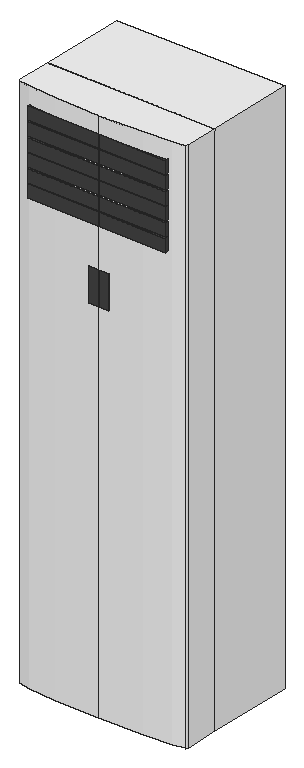
Revit family "SYSCOOL FLOOR 60 HP R, внутренний блок", category Оборудование, Revit 2019
Family settings
  Размер круглого соединителя = Использовать диаметр
  Тип детали = Нормальный
  Номер OmniClass = 23.75.00.00
  Заголовок OmniClass = Climate Control (HVAC)
  На основе рабочей плоскости = Нет
  Всегда вертикально = Да
  При загрузке вырезать с полостями = Нет
  Общий = Нет
  Точка расчета площади = Нет
Parameters (values of type "MFM-50ARN1-RB4WJ1")
  clearance access up = 300.000 mm
  clearance access right = 500.000 mm
  clearance access left = 500.000 mm
  clearance access front = 2000.000 mm
  clearance access behind = 50.000 mm
  clearance [instance] = no
  Width = 600.000 mm
  URL = ""
  Series = "M"
  Power supply = "3 phase,380-415V, 50Hz"
  Panel color = "Polar white"
  Net Weight = 67.00 kg
  Группа модели = "MFM-50ARN1-RB4WJ1"
  Manufacturer = ""
  Machine material = Galvanized Steel
  Liquid pipe = 9.520 mm
  Installation = "Indoor installation"
  Height = 1934.000 mm
  Heating Power Input = 5590 W
  Heating Capacity = 18904 W
  Gas pipe = 19.000 mm
  Gas = "R410A"
  Описание = "Floor standing"
  Depth = 455.000 mm
  Cooling Power Input = 6700 W
  Cooling Capacity = 17145 W
  Condensation = ""
  Combine Capacity = 3517 W
  Combine = 3900 W
  Air  Flow = "2326/1984 m3/h"
Reference planes
  plane 1 "center(front/back)": y = 0
  plane 2: z = 0
  plane 3 "center(left/right)": x = 0
  plane 4: z = 1934
  plane 5: x = 600
  plane 6: y = -455
  plane 7: y = -310
  plane 8: x = 300
  plane 9: z = 1825
Forms (mm)
  Extrusion 1, solid, material "HXL White", detail levels medium+fine
    sketch origin (0, 0, 0) x (1, 0, 0) y (0, 1, 0)
      loop
        line (0, 0) -> (0, -310) -> (600, -310) -> (600, 0) -> (0, 0)
    from 1934 to 0
  Extrusion 2, solid, material "HXL White", detail levels medium+fine
    sketch origin (0, 0, 0) x (1, 0, 0) y (0, 1, 0)
      loop
        line (0, -310) -> (0, -430)
        arc (0, -430) -> (0.702, -433.53) -> (2.702, -436.523) r 9.224
        spline (2.702, -436.523) -> (7.443, -439.265) -> (15.827, -441.789) -> (27.854, -444.094) -> (43.522, -446.18) -> (62.833, -448.048) -> (85.787, -449.697) -> (112.383, -451.128) -> (142.622, -452.339) -> (176.503, -453.333) -> (214.026, -454.107) -> (255.192, -454.663) -> (300, -455)
        spline (300, -455) -> (344.808, -454.663) -> (385.974, -454.107) -> (423.497, -453.333) -> (457.378, -452.339) -> (487.617, -451.128) -> (514.213, -449.697) -> (537.167, -448.048) -> (556.478, -446.18) -> (572.146, -444.094) -> (584.173, -441.789) -> (592.557, -439.265) -> (597.298, -436.523)
        arc (597.298, -436.523) -> (599.298, -433.53) -> (600, -430) r 9.224
        line (600, -430) -> (600, -310) -> (0, -310)
    from 1934 to 0
  Extrusion 3, solid, material "HXL Black", detail levels fine
    sketch origin (0, 0, -1560) x (0, 1, 0) y (0, 0, 1)
      loop
        line (-455, 3384) -> (-455, 3339) -> (-446.077, 3339) -> (-446.077, 3384) -> (-455, 3384)
    from 540 to 45
  Extrusion 4, solid, material "HXL Black", detail levels fine
    sketch origin (0, 0, -1510) x (0, 1, 0) y (0, 0, 1)
      loop
        line (-455, 3384) -> (-455, 3339) -> (-446.077, 3339) -> (-446.077, 3384) -> (-455, 3384)
    from 540 to 45
  Extrusion 5, solid, material "HXL Black", detail levels fine
    sketch origin (0, 0, -1660) x (0, 1, 0) y (0, 0, 1)
      loop
        line (-455, 3384) -> (-455, 3339) -> (-446.077, 3339) -> (-446.077, 3384) -> (-455, 3384)
    from 540 to 45
  Extrusion 6, solid, material "HXL Black", detail levels fine
    sketch origin (0, 0, -1610) x (0, 1, 0) y (0, 0, 1)
      loop
        line (-455, 3384) -> (-455, 3339) -> (-446.077, 3339) -> (-446.077, 3384) -> (-455, 3384)
    from 540 to 45
  Extrusion 7, solid, material "HXL Black", detail levels fine
    sketch origin (0, 0, -1760) x (0, 1, 0) y (0, 0, 1)
      loop
        line (-455, 3384) -> (-455, 3339) -> (-446.077, 3339) -> (-446.077, 3384) -> (-455, 3384)
    from 540 to 45
  Extrusion 8, solid, material "HXL Black", detail levels fine
    sketch origin (0, 0, -1710) x (0, 1, 0) y (0, 0, 1)
      loop
        line (-455, 3384) -> (-455, 3339) -> (-446.077, 3339) -> (-446.077, 3384) -> (-455, 3384)
    from 540 to 45
  Extrusion 9, solid, material "HXL Black", detail levels fine
    sketch origin (0, 0, -2020) x (0, 1, 0) y (0, 0, 1)
      loop
        line (-455, 3459.1) -> (-455, 3339) -> (-446.077, 3339) -> (-446.077, 3459.1) -> (-455, 3459.1)
    from 335.141 to 261.737
  Extrusion 10, solid, material "HXL White", detail levels fine
    sketch origin (0, 2.622, -30.139) x (0, 0, 1) y (-1, 0, 0)
      loop
        circle (87.32, -536.577) r 9.5
    from 2.622 to -15.703
  Extrusion 11, solid, material "HXL White", detail levels fine
    sketch origin (0, 2.622, 4.861) x (0, 0, 1) y (-1, 0, 0)
      loop
        circle (87.32, -536.577) r 4.76
    from 2.622 to -15.703
Lines and regions (mm)
  model lines
    curve 1: line (0, 0, 1934) -> (0, -310, 1934)
    curve 2: line (0, -310, 1934) -> (0, -430, 1934)
    curve 3: line (600, -385, 1934) -> (600, -310, 1934)
    curve 4: line (600, -430, 1934) -> (600, 0, 1934)
    curve 5: line (600, 0, 1934) -> (0, 0, 1934)
    curve 6: line (600, -310, 0) -> (600, 0, 0)
    curve 7: line (600, -430, 0) -> (600, -310, 0)
    curve 8: arc (0, -385, 0) -> (0.702, -388.53, 0) -> (2.702, -391.523, 0) r 9.224
    curve 9: line (0, -310, 0) -> (0, -430, 0)
    curve 10: line (0, 0, 0) -> (0, -310, 0)
    curve 11: line (600, 0, 0) -> (0, 0, 0)
    curve 12: line (600, 0, 0) -> (600, 0, 1934)
    curve 13: line (600, -436.523, 0) -> (600, -436.523, 1934)
    curve 14: line (0, 0, 1934) -> (0, 0, 0)
    curve 15: line (0, -436.523, 0) -> (0, -436.523, 1934)
    curve 16: line (300, -455, 1934) -> (597.298, -436.523, 1934)
    curve 17: arc (597.298, -436.523, 1934) -> (599.298, -433.53, 1934) -> (600, -430, 1934) r 9.224
    curve 18: line (2.702, -436.523, 1934) -> (300, -455, 1934)
    curve 19: arc (0, -430, 1934) -> (0.702, -433.53, 1934) -> (2.702, -436.523, 1934) r 9.224
    curve 20: line (300, -455, 0) -> (597.298, -436.523, 0)
    curve 21: arc (597.298, -436.523, 0) -> (599.298, -433.53, 0) -> (600, -430, 0) r 9.224
    curve 22: line (2.702, -436.523, 0) -> (300, -455, 0)
    curve 23: arc (0, -430, 0) -> (0.702, -433.53, 0) -> (2.702, -436.523, 0) r 9.224
Dimensions and locks
  "Height": level to plane 4
  aligned and locked: level to plane 2
Automatic sketch dimensions
  plane 1 "center(front/back)" to Extrusion 1 sketch curve = 0.000 mm
  Extrusion 1 sketch curve to plane 3 "center(left/right)" = 0.000 mm
  Extrusion 1 sketch curve to plane 5 = 0.000 mm
  Extrusion 1 sketch curve to plane 7 = 0.000 mm
  Extrusion 2 sketch curve to plane 3 "center(left/right)" = 0.000 mm
  Extrusion 2 sketch curve to plane 6 = 0.000 mm
  Extrusion 2 sketch curve to plane 8 = 0.000 mm
  Extrusion 2 sketch curve to plane 5 = 0.000 mm
  Extrusion 2 sketch curve to plane 7 = 0.000 mm
  plane 3 "center(left/right)" to Extrusion 2 sketch curve = 2.702 mm
  Extrusion 2 sketch curve to plane 5 = 2.702 mm
  Extrusion 2 sketch curve to Extrusion 2 sketch curve = 6.523 mm  (x2)
  plane 6 to Extrusion 2 sketch curve = 18.477 mm  (x2)
  Extrusion 3 sketch curve to plane 6 = 0.000 mm
  plane 4 to Extrusion 3 sketch curve = 155.000 mm
  plane 6 to Extrusion 3 sketch curve = 8.923 mm
  Extrusion 3 sketch curve to Extrusion 3 sketch curve = 45.000 mm
  Extrusion 4 sketch curve to plane 6 = 0.000 mm
  plane 4 to Extrusion 4 sketch curve = 105.000 mm
  plane 6 to Extrusion 4 sketch curve = 8.923 mm
  Extrusion 4 sketch curve to Extrusion 4 sketch curve = 45.000 mm
  Extrusion 5 sketch curve to plane 6 = 0.000 mm
  plane 4 to Extrusion 5 sketch curve = 255.000 mm
  plane 6 to Extrusion 5 sketch curve = 8.923 mm
  Extrusion 5 sketch curve to Extrusion 5 sketch curve = 45.000 mm
  Extrusion 6 sketch curve to plane 6 = 0.000 mm
  plane 4 to Extrusion 6 sketch curve = 205.000 mm
  plane 6 to Extrusion 6 sketch curve = 8.923 mm
  Extrusion 6 sketch curve to Extrusion 6 sketch curve = 45.000 mm
  Extrusion 7 sketch curve to plane 6 = 0.000 mm
  plane 4 to Extrusion 7 sketch curve = 355.000 mm
  plane 6 to Extrusion 7 sketch curve = 8.923 mm
  Extrusion 7 sketch curve to Extrusion 7 sketch curve = 45.000 mm
  Extrusion 8 sketch curve to plane 6 = 0.000 mm
  plane 4 to Extrusion 8 sketch curve = 305.000 mm
  plane 6 to Extrusion 8 sketch curve = 8.923 mm
  Extrusion 8 sketch curve to Extrusion 8 sketch curve = 45.000 mm
  Extrusion 9 sketch curve to plane 6 = 0.000 mm
  plane 4 to Extrusion 9 sketch curve = 615.000 mm
  plane 6 to Extrusion 9 sketch curve = 8.923 mm
  Extrusion 9 sketch curve to Extrusion 9 sketch curve = 120.100 mm
  level to Extrusion 10 sketch curve = 57.181 mm
  Extrusion 10 sketch curve to plane 5 = 63.423 mm
  level to Extrusion 11 sketch curve = 92.181 mm
  Extrusion 11 sketch curve to plane 5 = 63.423 mm
  Extrusion 1 to curve 12 = 0.000 mm
  curve 12 to Extrusion 1 = 0.000 mm  (x2)
  curve 13 to Extrusion 1 = 0.000 mm  (x2)
  curve 13 to Extrusion 1 = 126.523 mm
  curve 1 to Extrusion 1 = 0.000 mm  (x3)
  curve 4 to Extrusion 1 = 0.000 mm
  Extrusion 1 to curve 3 = 0.000 mm
  curve 3 to Extrusion 1 = 0.000 mm
  curve 2 to curve 1 = 120.000 mm
  curve 4 to curve 3 = 120.000 mm
  curve 4 to curve 3 = 45.000 mm
  curve 16 to Extrusion 1 = 2.702 mm
  curve 16 to Extrusion 1 = 436.523 mm
  Extrusion 1 to curve 16 = 145.000 mm
  curve 16 to curve 17 = 290.776 mm
  curve 18 to Extrusion 1 = 2.702 mm
  curve 18 to curve 2 = 6.523 mm
  Extrusion 1 to curve 15 = 0.000 mm  (x2)
  curve 14 to Extrusion 1 = 0.000 mm  (x3)
  Extrusion 1 to curve 15 = 126.523 mm
  curve 10 to Extrusion 1 = 0.000 mm  (x3)
  curve 7 to Extrusion 1 = 0.000 mm
  curve 6 to Extrusion 1 = 0.000 mm
  Extrusion 1 to curve 22 = 2.702 mm
  curve 22 to Extrusion 1 = 145.000 mm
  curve 23 to curve 22 = 297.298 mm
  Extrusion 1 to curve 20 = 2.702 mm
  Extrusion 1 to curve 8 = 2.702 mm
  Extrusion 1 to curve 8 = 9.224 mm
  curve 23 to curve 23 = 6.523 mm
  Extrusion 1 to curve 21 = 9.224 mm
  curve 20 to Extrusion 1 = 126.523 mm
  curve 22 to Extrusion 1 = 126.523 mm
  curve 23 to curve 8 = 38.477 mm
  radius of Extrusion 10 sketch curve = 9.500 mm
  radius of Extrusion 11 sketch curve = 4.760 mm
Nested families
  nested 1: "service space" at (600, -455, 0), visible <- "clearance", Height <- "Height", type "Midea Service  Space"
    with Width 500.000 mm, Height 1934.000 mm, Depth 455.000 mm
  nested 2: "service space" at (-500, -455, 0), visible <- "clearance", Height <- "Height", type "Midea Service  Space"
    with Width 500.000 mm, Height 1934.000 mm, Depth 455.000 mm
  nested 3: "service space" at (0, -455, 1934), visible <- "clearance", type "Midea Service  Space"
    with Width 600.000 mm, Height 300.000 mm, Depth 455.000 mm
  nested 4: "service space" at (0, 0, 0), visible <- "clearance", Height <- "Height", type "Midea Service  Space"
    with Width 600.000 mm, Height 1934.000 mm, Depth 50.000 mm
  nested 5: "service space" at (0, -2455, 0), visible <- "clearance", Height <- "Height", type "Midea Service  Space"
    with Width 600.000 mm, Height 1934.000 mm, Depth 2000.000 mm
Connectors
  electrical at (300, 0, 967)
    settings: on Extrusion 1, index 1, voltage 380 V, apparent load 0 VA, apparent load phase1 0 VA, apparent load phase2 0 VA, apparent load phase3 0 VA, power factor 1, load classification "Other", number of poles 1, system type 30, power factor state 1, is connector primary yes, connector utility no, sub classification motor no, connector description ""
  piping at (536.577, 18.325, 57.181), diameter 19
    settings: on Extrusion 10, index 2, connector inside diameter 19 mm, connector length 0.000 mm, flow factor 0, pipe flow 0.0 m³/h, pressure drop 0.0 Pa, fitting loss kfactor 0, connector angle 0.00°, fixture units 0, engagement length 0.000 mm, angle of deflection 0.00°, flow configuration 0, flow direction 0, fitting loss method 0, system type 19, joint type 0, gender type 0, connector reference index -1, connector utility 0, adjustable connector no, is connector primary yes, connector description ""
  piping at (536.577, 18.325, 92.181), diameter 9.52
    settings: on Extrusion 11, index 3, connector inside diameter 9.52 mm, connector length 0.000 mm, flow factor 0, pipe flow 0.0 m³/h, pressure drop 0.0 Pa, fitting loss kfactor 0, connector angle 0.00°, fixture units 0, engagement length 0.000 mm, angle of deflection 0.00°, flow configuration 0, flow direction 0, fitting loss method 0, system type 19, joint type 0, gender type 0, connector reference index -1, connector utility 0, adjustable connector no, is connector primary no, connector description ""
Definition of nested family "service space"
  Parameters
    Width [instance] = 500.000 mm
    Height [instance] = 500.000 mm
    Depth [instance] = 500.000 mm
  Reference planes
    plane 1 "Center (Front/Back)": y = 0
    plane 2: z = 0
    plane 3 "Center (Left/Right)": x = 0
    plane 4: z = 500
    plane 5: y = 500
    plane 6: x = 500
  Forms (mm)
    Extrusion 1, solid
      sketch origin (0, 0, 0) x (1, 0, 0) y (0, 1, 0)
        loop
          line (0, 500) -> (0, 0) -> (500, 0) -> (500, 500) -> (0, 500)
      from 0 to 500
  Dimensions and locks
    "Width": plane 3 "Center (Left/Right)" to plane 6
    "Depth": plane 5 to plane 1 "Center (Front/Back)"
    "Height": level to plane 4
    aligned and locked: level to plane 2
    aligned and locked: plane 5 to Extrusion 1
    aligned and locked: Extrusion 1 to plane 6
    aligned and locked: Extrusion 1 to plane 3 "Center (Left/Right)"
    aligned and locked: plane 1 "Center (Front/Back)" to Extrusion 1
    aligned and locked: Extrusion 1 to plane 4
  Automatic sketch dimensions
    Extrusion 1 sketch curve to plane 3 "Center (Left/Right)" = 0.000 mm
    plane 1 "Center (Front/Back)" to Extrusion 1 sketch curve = 0.000 mm
    Extrusion 1 sketch curve to plane 6 = 0.000 mm
    Extrusion 1 sketch curve to plane 5 = 0.000 mm
